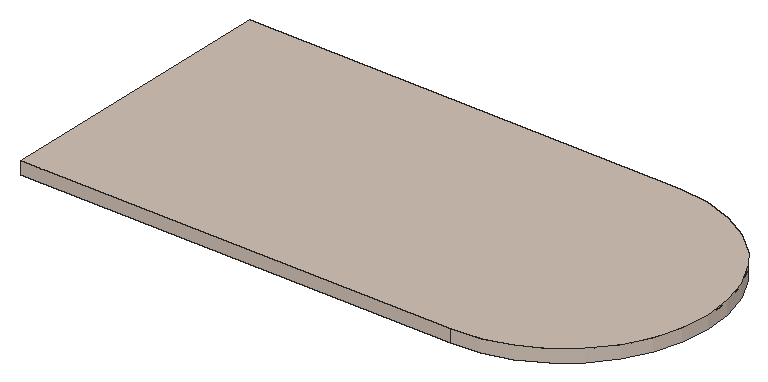
Revit family "Worktop w Curved End", category 케이스워크, Revit 2026
Family settings
  작업 기준면 기반 = 아니오
  항상 수직 = 예
  로드될 때 보이드를 사용하여 절단 = 아니오
  공유 = 아니오
  룸 계산 점 = 아니오
Parameters (values of type "Worktop End with Curve")
  기본 높이 = 0 mm
  Worktop Width = 900 mm
  Worktop Thickness = 40 mm
  Worktop Length [instance] = 1800 mm
  Material Worktop = Laminate - Marble
  Depth = Worktop Width  # 900 mm
  Height = 900 mm
  Width [instance] = Worktop Length  # 1800 mm
  DONT CHANGE Worktop Radius = Worktop Width / 2  # 450 mm
Reference planes
  plane 1 "Back": y = -65.41
  plane 2: z = 0
  plane 3 "Front": y = -965.41
  plane 4 "Left": x = -405.3
  plane 5 "Right": x = 1394.7
  plane 6 "Top": z = 900
  plane 7: x = 944.7
  plane 8: y = -515.41
Forms (mm)
  Extrusion 1, solid, material "Laminate - Marble" <- "Material Worktop"
    sketch origin (0, 0, 900) x (0, -1, 0) y (-1, 0, 0)
      loop
        line (965.41, 405.3) -> (65.41, 405.3) -> (65.41, -944.7)
        arc (65.41, -944.7) -> (515.41, -1394.7) -> (965.41, -944.7) r 450
        line (965.41, -944.7) -> (965.41, 405.3)
    from 0 to 40
Dimensions and locks
  "Worktop Length": plane 5 "Right" to plane 4 "Left"
  "Worktop Width": plane 3 "Front" to plane 1 "Back"
  "Height": level to plane 6 "Top"
  "Worktop Thickness": plane 6 "Top" to Extrusion 1
  equal spacing: plane 3 "Front", plane 8, plane 1 "Back"
  "DONT CHANGE Worktop Radius": plane 7 to plane 5 "Right"
Automatic sketch dimensions
  Extrusion 1 sketch curve to plane 1 "Back" = 0 mm
  Extrusion 1 sketch curve to plane 7 = 0 mm
  Extrusion 1 sketch curve to plane 8 = 0 mm
  Extrusion 1 sketch curve to plane 4 "Left" = 0 mm
